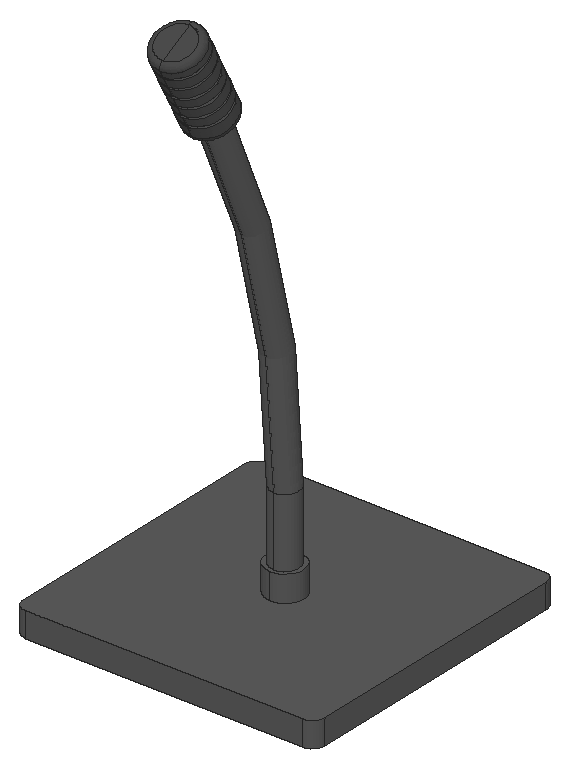
Revit family
Parameters
  폭 = 1200 mm
  높이 = 420 mm
  깊이 = 600 mm
  Assembly Code = ""
Reference planes
  plane 1 "Center (Front/Back)": y = 0
  plane 2: z = 0
  plane 3 "Center (Left/Right)": x = 0
  plane 4 "left": x = -600
  plane 5 "right": x = 600
  plane 6 "front": y = -300
  plane 7 "back": y = 300
  plane 8 "top": z = 420
Forms (mm)
  Extrusion 1, solid, material "본체"
    sketch origin (-75.073, 15.775, 25) x (0, -1, 0) y (1, 0, 0)
      loop
        arc (-107.958, -55.933) -> (-104.239, -64.913) -> (-95.258, -68.633) r 12.7
        line (-95.258, -68.633) -> (184.142, -68.633)
        arc (184.142, -68.633) -> (193.122, -64.913) -> (196.842, -55.933) r 12.7
        line (196.842, -55.933) -> (196.842, 223.467)
        arc (196.842, 223.467) -> (193.122, 232.447) -> (184.142, 236.167) r 12.7
        line (184.142, 236.167) -> (-95.258, 236.167)
        arc (-95.258, 236.167) -> (-104.239, 232.447) -> (-107.958, 223.467) r 12.7
        line (-107.958, 223.467) -> (-107.958, -55.933)
      loop
        circle (44.442, 83.767) r 19.05
    from 0 to -25
  Sweep 2, solid, material "본체"
    path origin (8.694, 15.775, 2489.2) x (0, 1, 0) y (0, 0, 1)
      loop
        line (-44.442, -2438.4) -> (-44.442, -2368.55)
        arc (-44.442, -2368.55) -> (-67.675, -2176.32) -> (-136.038, -1995.161) r 806.854
    profile origin (8.694, -28.666, 85.725) x (0, -1, 0) y (1, 0, 0)
      loop
        circle (0, 0) r 14.18
  Revolve 3, solid, material "마이크"
    sketch origin (8.694, 15.775, 2489.2) x (0, 1, 0) y (0, 0, 1)
      loop
        line (-136.038, -1995.161) -> (-181.966, -1907.182) -> (-198.853, -1915.997)
        arc (-198.853, -1915.997) -> (-201.973, -1919.724) -> (-201.544, -1924.565) r 6.35
        line (-201.544, -1924.565) -> (-198.311, -1930.758) -> (-195.496, -1929.289) -> (-194.027, -1932.103) -> (-196.842, -1933.573) -> (-192.434, -1942.016) -> (-189.619, -1940.547) -> (-188.15, -1943.362) -> (-190.965, -1944.831) -> (-186.557, -1953.275) -> (-183.742, -1951.805) -> (-182.273, -1954.62) -> (-185.087, -1956.089) -> (-180.679, -1964.533) -> (-177.865, -1963.064) -> (-176.396, -1965.878) -> (-179.21, -1967.347) -> (-174.802, -1975.791) -> (-171.988, -1974.322) -> (-170.518, -1977.136) -> (-173.333, -1978.606) -> (-168.925, -1987.049) -> (-166.11, -1985.58) -> (-164.641, -1988.395) -> (-167.456, -1989.864) -> (-161.493, -2001.286)
        arc (-161.493, -2001.286) -> (-157.766, -2004.406) -> (-152.925, -2003.976) r 6.35
        line (-152.925, -2003.976) -> (-136.038, -1995.161)
      axis (-136.038, -1995.161) -> (-181.966, -1907.182)
    angle from 0 to 360
  Extrusion 4, solid, material "본체"
    sketch origin (-75.073, 15.775, 50.8) x (0, -1, 0) y (1, 0, 0)
      loop
        circle (44.442, 83.767) r 19.05
    from 0 to -50.8
Dimensions and locks
  "깊이": plane 6 "front" to plane 7 "back"
  equal spacing: plane 6 "front", plane 1 "Center (Front/Back)", plane 7 "back"
  "높이": plane 8 "top" to level
  "폭": plane 4 "left" to plane 5 "right"
  equal spacing: plane 4 "left", plane 3 "Center (Left/Right)", plane 5 "right"
  locked: level to Extrusion 1 at 25
  aligned and locked: Extrusion 1 to level
Automatic sketch dimensions
  Extrusion 1 sketch curve to plane 1 "Center (Front/Back)" = 123.734 mm
  Extrusion 1 sketch curve to Extrusion 1 sketch curve = 12.7 mm  (x3)
  plane 3 "Center (Left/Right)" to Extrusion 1 sketch curve = 8.694 mm
  plane 1 "Center (Front/Back)" to Extrusion 1 sketch curve = 28.666 mm
  plane 6 "front" to Extrusion 1 sketch curve = 131.634 mm  (x2)
  Extrusion 1 sketch curve to plane 3 "Center (Left/Right)" = 131.006 mm
  plane 3 "Center (Left/Right)" to Extrusion 1 sketch curve = 148.394 mm
  level to Sweep 2 sketch curve = 120.65 mm
  Sweep 2 sketch curve to plane 6 "front" = 535.52 mm
  plane 8 "top" to Sweep 2 sketch curve = 74.039 mm
  plane 1 "Center (Front/Back)" to Sweep 2 sketch curve = 120.263 mm
  level to Sweep 2 sketch curve = 50.8 mm
  Sweep 2 sketch curve to profile plane = 0 mm  (x2)
  plane 8 "top" to Revolve 3 sketch curve = 144.635 mm
  plane 6 "front" to Revolve 3 sketch curve = 114.231 mm
  Revolve 3 sketch curve to Revolve 3 sketch curve = 2.691 mm
  plane 8 "top" to Revolve 3 sketch curve = 138.442 mm
  Revolve 3 sketch curve to Revolve 3 sketch curve = 3.233 mm
  plane 8 "top" to Revolve 3 sketch curve = 135.627 mm
  Revolve 3 sketch curve to Revolve 3 sketch curve = 1.469 mm  (x6)
  Revolve 3 sketch curve to Revolve 3 sketch curve = 2.939 mm  (x2)
  plane 8 "top" to Revolve 3 sketch curve = 139.911 mm
  plane 8 "top" to Revolve 3 sketch curve = 127.184 mm
  plane 8 "top" to Revolve 3 sketch curve = 124.369 mm
  Revolve 3 sketch curve to Revolve 3 sketch curve = 8.606 mm
  plane 8 "top" to Revolve 3 sketch curve = 128.653 mm
  plane 8 "top" to Revolve 3 sketch curve = 115.925 mm
  plane 8 "top" to Revolve 3 sketch curve = 113.111 mm
  plane 8 "top" to Revolve 3 sketch curve = 117.395 mm
  plane 8 "top" to Revolve 3 sketch curve = 162.018 mm
  Revolve 3 sketch curve to Revolve 3 sketch curve = 8.282 mm
  plane 8 "top" to Revolve 3 sketch curve = 104.667 mm
  plane 8 "top" to Revolve 3 sketch curve = 101.853 mm
  plane 8 "top" to Revolve 3 sketch curve = 106.136 mm
  plane 8 "top" to Revolve 3 sketch curve = 93.409 mm
  plane 8 "top" to Revolve 3 sketch curve = 90.594 mm
  plane 8 "top" to Revolve 3 sketch curve = 94.878 mm
  plane 8 "top" to Revolve 3 sketch curve = 82.151 mm
  plane 8 "top" to Revolve 3 sketch curve = 79.336 mm
  plane 8 "top" to Revolve 3 sketch curve = 83.62 mm
  plane 8 "top" to Revolve 3 sketch curve = 67.914 mm
  Revolve 3 sketch curve to Revolve 3 sketch curve = 5.629 mm
  plane 8 "top" to Revolve 3 sketch curve = 65.224 mm
  plane 8 "top" to Revolve 3 sketch curve = 74.039 mm  (x2)
  Revolve 3 sketch curve to Revolve 3 sketch curve = 0 mm
  Revolve 3 sketch curve to Revolve 3 sketch curve = 15.864 mm
  plane 3 "Center (Left/Right)" to Extrusion 4 sketch curve = 8.694 mm
  plane 1 "Center (Front/Back)" to Extrusion 4 sketch curve = 28.666 mm
  radius of Extrusion 1 sketch curve = 19.05 mm
  radius of Sweep 2 sketch curve = 14.18 mm
  radius of Extrusion 4 sketch curve = 19.05 mm
